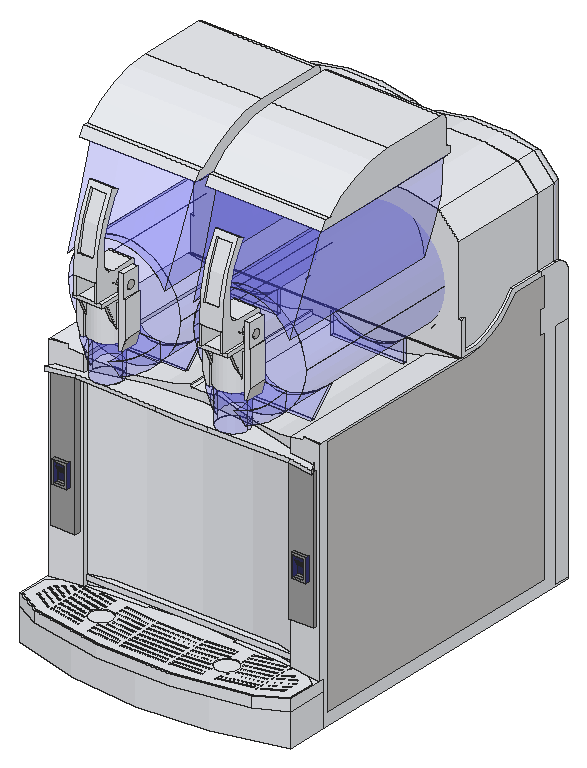
Revit family "QF_ELECTROLUXPROFESSIONAL_560022_NINA2", category Specialty Equipment, Revit 2018 (continued)
Automatic sketch dimensions
  curve 30 to curve 60 = 0.0 mm  (x2)
  curve 30 to curve 61 = 0.0 mm  (x2)
  curve 30 to curve 62 = 0.0 mm  (x2)
  curve 30 to curve 63 = 0.0 mm  (x2)
  curve 30 to curve 64 = 0.0 mm  (x2)
  curve 30 to curve 65 = 0.0 mm  (x2)
  curve 30 to curve 66 = 0.0 mm  (x2)
  curve 30 to curve 67 = 0.0 mm  (x2)
  curve 30 to curve 68 = 0.0 mm  (x2)
  curve 30 to curve 69 = 0.0 mm  (x2)
  curve 30 to curve 70 = 0.0 mm  (x2)
  curve 30 to curve 71 = 0.0 mm  (x2)
  curve 30 to curve 72 = 0.0 mm  (x2)
  curve 30 to curve 91 = 0.0 mm  (x2)
  curve 30 to curve 92 = 0.0 mm  (x2)
  curve 30 to curve 93 = 0.0 mm  (x2)
  curve 30 to curve 94 = 0.0 mm  (x2)
  curve 30 to curve 95 = 0.0 mm  (x2)
  curve 30 to curve 96 = 0.0 mm  (x2)
  curve 30 to curve 97 = 0.0 mm  (x2)
  curve 30 to curve 98 = 0.0 mm  (x2)
  curve 30 to curve 99 = 0.0 mm  (x2)
  curve 30 to curve 100 = 0.0 mm  (x2)
  curve 30 to curve 101 = 0.0 mm  (x2)
  curve 30 to curve 116 = 0.0 mm  (x2)
  curve 30 to curve 117 = 0.0 mm  (x2)
  curve 30 to curve 134 = 0.0 mm  (x2)
  curve 30 to curve 135 = 0.0 mm  (x2)
  curve 30 to curve 136 = 0.0 mm  (x2)
  curve 30 to curve 137 = 0.0 mm  (x2)
  curve 30 to curve 138 = 0.0 mm  (x2)
  curve 30 to curve 139 = 0.0 mm  (x2)
  curve 30 to curve 140 = 0.0 mm  (x2)
  curve 30 to curve 141 = 0.0 mm  (x2)
  curve 30 to curve 142 = 0.0 mm  (x2)
  curve 30 to curve 143 = 0.0 mm  (x2)
  curve 30 to curve 144 = 0.0 mm  (x2)
  curve 30 to curve 145 = 0.0 mm  (x2)
  curve 30 to curve 146 = 0.0 mm  (x2)
  curve 30 to curve 147 = 0.0 mm  (x2)
  curve 30 to curve 148 = 0.0 mm  (x2)
  curve 30 to curve 167 = 0.0 mm  (x2)
  curve 30 to curve 168 = 0.0 mm  (x2)
  curve 30 to curve 169 = 0.0 mm  (x2)
  curve 30 to curve 170 = 0.0 mm  (x2)
  curve 30 to curve 171 = 0.0 mm  (x2)
  curve 30 to curve 172 = 0.0 mm  (x2)
  curve 30 to curve 173 = 0.0 mm  (x2)
  curve 30 to curve 174 = 0.0 mm  (x2)
  curve 30 to curve 175 = 0.0 mm  (x2)
  curve 30 to curve 176 = 0.0 mm  (x2)
  curve 30 to curve 177 = 0.0 mm  (x2)
  curve 31 to curve 32 = 0.0 mm  (x2)
  curve 31 to curve 33 = 0.0 mm  (x2)
  curve 31 to curve 34 = 0.0 mm  (x2)
  curve 31 to curve 35 = 0.0 mm  (x2)
  curve 31 to curve 36 = 0.0 mm  (x2)
  curve 31 to curve 37 = 0.0 mm  (x2)
  curve 31 to curve 38 = 0.0 mm  (x2)
  curve 31 to curve 39 = 0.0 mm  (x2)
  curve 31 to curve 40 = 0.0 mm  (x2)
  curve 31 to curve 41 = 0.0 mm  (x2)
  curve 31 to curve 58 = 0.0 mm  (x2)
  curve 31 to curve 59 = 0.0 mm  (x2)
  curve 31 to curve 60 = 0.0 mm  (x2)
  curve 31 to curve 61 = 0.0 mm  (x2)
  curve 31 to curve 62 = 0.0 mm  (x2)
  curve 31 to curve 63 = 0.0 mm  (x2)
  curve 31 to curve 64 = 0.0 mm  (x2)
  curve 31 to curve 65 = 0.0 mm  (x2)
  curve 31 to curve 66 = 0.0 mm  (x2)
  curve 31 to curve 67 = 0.0 mm  (x2)
  curve 31 to curve 68 = 0.0 mm  (x2)
  curve 31 to curve 69 = 0.0 mm  (x2)
  curve 31 to curve 70 = 0.0 mm  (x2)
  curve 31 to curve 71 = 0.0 mm  (x2)
  curve 31 to curve 72 = 0.0 mm  (x2)
  curve 31 to curve 91 = 0.0 mm  (x2)
  curve 31 to curve 92 = 0.0 mm  (x2)
  curve 31 to curve 93 = 0.0 mm  (x2)
  curve 31 to curve 94 = 0.0 mm  (x2)
  curve 31 to curve 95 = 0.0 mm  (x2)
  curve 31 to curve 96 = 0.0 mm  (x2)
  curve 31 to curve 97 = 0.0 mm  (x2)
  curve 31 to curve 98 = 0.0 mm  (x2)
  curve 31 to curve 99 = 0.0 mm  (x2)
  curve 31 to curve 100 = 0.0 mm  (x2)
  curve 31 to curve 101 = 0.0 mm  (x2)
  curve 31 to curve 116 = 0.0 mm  (x2)
  curve 31 to curve 117 = 0.0 mm  (x2)
  curve 31 to curve 134 = 0.0 mm  (x2)
  curve 31 to curve 135 = 0.0 mm  (x2)
  curve 31 to curve 136 = 0.0 mm  (x2)
  curve 31 to curve 137 = 0.0 mm  (x2)
  curve 31 to curve 138 = 0.0 mm  (x2)
  curve 31 to curve 139 = 0.0 mm  (x2)
  curve 31 to curve 140 = 0.0 mm  (x2)
  curve 31 to curve 141 = 0.0 mm  (x2)
  curve 31 to curve 142 = 0.0 mm  (x2)
  curve 31 to curve 143 = 0.0 mm  (x2)
  curve 31 to curve 144 = 0.0 mm  (x2)
  curve 31 to curve 145 = 0.0 mm  (x2)
  curve 31 to curve 146 = 0.0 mm  (x2)
  curve 31 to curve 147 = 0.0 mm  (x2)
  curve 31 to curve 148 = 0.0 mm  (x2)
  curve 31 to curve 167 = 0.0 mm  (x2)
  curve 31 to curve 168 = 0.0 mm  (x2)
  curve 31 to curve 169 = 0.0 mm  (x2)
  curve 31 to curve 170 = 0.0 mm  (x2)
  curve 31 to curve 171 = 0.0 mm  (x2)
  curve 31 to curve 172 = 0.0 mm  (x2)
  curve 31 to curve 173 = 0.0 mm  (x2)
  curve 31 to curve 174 = 0.0 mm  (x2)
  curve 31 to curve 175 = 0.0 mm  (x2)
  curve 31 to curve 176 = 0.0 mm  (x2)
  curve 31 to curve 177 = 0.0 mm  (x2)
  curve 32 to curve 33 = 0.0 mm  (x2)
  curve 32 to curve 34 = 0.0 mm  (x2)
  curve 32 to curve 35 = 0.0 mm  (x2)
  curve 32 to curve 36 = 0.0 mm  (x2)
  curve 32 to curve 37 = 0.0 mm  (x2)
  curve 32 to curve 38 = 0.0 mm  (x2)
  curve 32 to curve 39 = 0.0 mm  (x2)
  curve 32 to curve 40 = 0.0 mm  (x2)
  curve 32 to curve 41 = 0.0 mm  (x2)
  curve 32 to curve 58 = 0.0 mm  (x2)
  curve 32 to curve 59 = 0.0 mm  (x2)
  curve 32 to curve 60 = 0.0 mm  (x2)
  curve 32 to curve 61 = 0.0 mm  (x2)
  curve 32 to curve 62 = 0.0 mm  (x2)
  curve 32 to curve 63 = 0.0 mm  (x2)
  curve 32 to curve 64 = 0.0 mm  (x2)
  curve 32 to curve 65 = 0.0 mm  (x2)
  curve 32 to curve 66 = 0.0 mm  (x2)
  curve 32 to curve 67 = 0.0 mm  (x2)
  curve 32 to curve 68 = 0.0 mm  (x2)
  curve 32 to curve 69 = 0.0 mm  (x2)
  curve 32 to curve 70 = 0.0 mm  (x2)
  curve 32 to curve 71 = 0.0 mm  (x2)
  curve 32 to curve 72 = 0.0 mm  (x2)
  curve 32 to curve 91 = 0.0 mm  (x2)
  curve 32 to curve 92 = 0.0 mm  (x2)
  curve 32 to curve 93 = 0.0 mm  (x2)
  curve 32 to curve 94 = 0.0 mm  (x2)
  curve 32 to curve 95 = 0.0 mm  (x2)
  curve 32 to curve 96 = 0.0 mm  (x2)
  curve 32 to curve 97 = 0.0 mm  (x2)
  curve 32 to curve 98 = 0.0 mm  (x2)
  curve 32 to curve 99 = 0.0 mm  (x2)
  curve 32 to curve 100 = 0.0 mm  (x2)
  curve 32 to curve 101 = 0.0 mm  (x2)
  curve 32 to curve 116 = 0.0 mm  (x2)
  curve 32 to curve 117 = 0.0 mm  (x2)
  curve 32 to curve 134 = 0.0 mm  (x2)
  curve 32 to curve 135 = 0.0 mm  (x2)
  curve 32 to curve 136 = 0.0 mm  (x2)
  curve 32 to curve 137 = 0.0 mm  (x2)
  curve 32 to curve 138 = 0.0 mm  (x2)
  curve 32 to curve 139 = 0.0 mm  (x2)
  curve 32 to curve 140 = 0.0 mm  (x2)
  curve 32 to curve 141 = 0.0 mm  (x2)
  curve 32 to curve 142 = 0.0 mm  (x2)
  curve 32 to curve 143 = 0.0 mm  (x2)
  curve 32 to curve 144 = 0.0 mm  (x2)
  curve 32 to curve 145 = 0.0 mm  (x2)
  curve 32 to curve 146 = 0.0 mm  (x2)
  curve 32 to curve 147 = 0.0 mm  (x2)
  curve 32 to curve 148 = 0.0 mm  (x2)
  curve 32 to curve 167 = 0.0 mm  (x2)
  curve 32 to curve 168 = 0.0 mm  (x2)
  curve 32 to curve 169 = 0.0 mm  (x2)
  curve 32 to curve 170 = 0.0 mm  (x2)
  curve 32 to curve 171 = 0.0 mm  (x2)
  curve 32 to curve 172 = 0.0 mm  (x2)
  curve 32 to curve 173 = 0.0 mm  (x2)
  curve 32 to curve 174 = 0.0 mm  (x2)
  curve 32 to curve 175 = 0.0 mm  (x2)
  curve 32 to curve 176 = 0.0 mm  (x2)
  curve 32 to curve 177 = 0.0 mm  (x2)
  curve 33 to curve 34 = 0.0 mm  (x2)
  curve 33 to curve 35 = 0.0 mm  (x2)
  curve 33 to curve 36 = 0.0 mm  (x2)
  curve 33 to curve 37 = 0.0 mm  (x2)
  curve 33 to curve 38 = 0.0 mm  (x2)
  curve 33 to curve 39 = 0.0 mm  (x2)
  curve 33 to curve 40 = 0.0 mm  (x2)
  curve 33 to curve 41 = 0.0 mm  (x2)
  curve 33 to curve 58 = 0.0 mm  (x2)
  curve 33 to curve 59 = 0.0 mm  (x2)
  curve 33 to curve 60 = 0.0 mm  (x2)
  curve 33 to curve 61 = 0.0 mm  (x2)
  curve 33 to curve 62 = 0.0 mm  (x2)
  curve 33 to curve 63 = 0.0 mm  (x2)
  curve 33 to curve 64 = 0.0 mm  (x2)
  curve 33 to curve 65 = 0.0 mm  (x2)
  curve 33 to curve 66 = 0.0 mm  (x2)
  curve 33 to curve 67 = 0.0 mm  (x2)
  curve 33 to curve 68 = 0.0 mm  (x2)
  curve 33 to curve 69 = 0.0 mm  (x2)
  curve 33 to curve 70 = 0.0 mm  (x2)
  curve 33 to curve 71 = 0.0 mm  (x2)
  curve 33 to curve 72 = 0.0 mm  (x2)
  curve 33 to curve 91 = 0.0 mm  (x2)
  curve 33 to curve 92 = 0.0 mm  (x2)
  curve 33 to curve 93 = 0.0 mm  (x2)
  curve 33 to curve 94 = 0.0 mm  (x2)
  curve 33 to curve 95 = 0.0 mm  (x2)
  curve 33 to curve 96 = 0.0 mm  (x2)
  curve 33 to curve 97 = 0.0 mm  (x2)
  curve 33 to curve 98 = 0.0 mm  (x2)
  curve 33 to curve 99 = 0.0 mm  (x2)
  curve 33 to curve 100 = 0.0 mm  (x2)
  curve 33 to curve 101 = 0.0 mm  (x2)
  curve 33 to curve 116 = 0.0 mm  (x2)
  curve 33 to curve 117 = 0.0 mm  (x2)
  curve 33 to curve 134 = 0.0 mm  (x2)
  curve 33 to curve 135 = 0.0 mm  (x2)
  curve 33 to curve 136 = 0.0 mm  (x2)
  curve 33 to curve 137 = 0.0 mm  (x2)
  curve 33 to curve 138 = 0.0 mm  (x2)
  curve 33 to curve 139 = 0.0 mm  (x2)
  curve 33 to curve 140 = 0.0 mm  (x2)
  curve 33 to curve 141 = 0.0 mm  (x2)
  curve 33 to curve 142 = 0.0 mm  (x2)
  curve 33 to curve 143 = 0.0 mm  (x2)
  curve 33 to curve 144 = 0.0 mm  (x2)
  curve 33 to curve 145 = 0.0 mm  (x2)
  curve 33 to curve 146 = 0.0 mm  (x2)
  curve 33 to curve 147 = 0.0 mm  (x2)
  curve 33 to curve 148 = 0.0 mm  (x2)
  curve 33 to curve 167 = 0.0 mm  (x2)
  curve 33 to curve 168 = 0.0 mm  (x2)
  curve 33 to curve 169 = 0.0 mm  (x2)
  curve 33 to curve 170 = 0.0 mm  (x2)
  curve 33 to curve 171 = 0.0 mm  (x2)
  curve 33 to curve 172 = 0.0 mm  (x2)
  curve 33 to curve 173 = 0.0 mm  (x2)
  curve 33 to curve 174 = 0.0 mm  (x2)
  curve 33 to curve 175 = 0.0 mm  (x2)
  curve 33 to curve 176 = 0.0 mm  (x2)
  curve 33 to curve 177 = 0.0 mm  (x2)
  curve 34 to curve 35 = 0.0 mm  (x2)
  curve 34 to curve 36 = 0.0 mm  (x2)
  curve 34 to curve 37 = 0.0 mm  (x2)
  curve 34 to curve 38 = 0.0 mm  (x2)
  curve 34 to curve 39 = 0.0 mm  (x2)
  curve 34 to curve 40 = 0.0 mm  (x2)
  curve 34 to curve 41 = 0.0 mm  (x2)
  curve 34 to curve 58 = 0.0 mm  (x2)
  curve 34 to curve 59 = 0.0 mm  (x2)
  curve 34 to curve 60 = 0.0 mm  (x2)
  curve 34 to curve 61 = 0.0 mm  (x2)
  curve 34 to curve 62 = 0.0 mm  (x2)
  curve 34 to curve 63 = 0.0 mm  (x2)
  curve 34 to curve 64 = 0.0 mm  (x2)
  curve 34 to curve 65 = 0.0 mm  (x2)
  curve 34 to curve 66 = 0.0 mm  (x2)
  curve 34 to curve 67 = 0.0 mm  (x2)
  curve 34 to curve 68 = 0.0 mm  (x2)
  curve 34 to curve 69 = 0.0 mm  (x2)
  curve 34 to curve 70 = 0.0 mm  (x2)
  curve 34 to curve 71 = 0.0 mm  (x2)
  curve 34 to curve 72 = 0.0 mm  (x2)
  curve 34 to curve 91 = 0.0 mm  (x2)
  curve 34 to curve 92 = 0.0 mm  (x2)
  curve 34 to curve 93 = 0.0 mm  (x2)
  curve 34 to curve 94 = 0.0 mm  (x2)
  curve 34 to curve 95 = 0.0 mm  (x2)
  curve 34 to curve 96 = 0.0 mm  (x2)
  curve 34 to curve 97 = 0.0 mm  (x2)
  curve 34 to curve 98 = 0.0 mm  (x2)
  curve 34 to curve 99 = 0.0 mm  (x2)
  curve 34 to curve 100 = 0.0 mm  (x2)
  curve 34 to curve 101 = 0.0 mm  (x2)
  curve 34 to curve 116 = 0.0 mm  (x2)
  curve 34 to curve 117 = 0.0 mm  (x2)
  curve 34 to curve 134 = 0.0 mm  (x2)
  curve 34 to curve 135 = 0.0 mm  (x2)
  curve 34 to curve 136 = 0.0 mm  (x2)
  curve 34 to curve 137 = 0.0 mm  (x2)
  curve 34 to curve 138 = 0.0 mm  (x2)
  curve 34 to curve 139 = 0.0 mm  (x2)
  curve 34 to curve 140 = 0.0 mm  (x2)
  curve 34 to curve 141 = 0.0 mm  (x2)
  curve 34 to curve 142 = 0.0 mm  (x2)
  curve 34 to curve 143 = 0.0 mm  (x2)
  curve 34 to curve 144 = 0.0 mm  (x2)
  curve 34 to curve 145 = 0.0 mm  (x2)
  curve 34 to curve 146 = 0.0 mm  (x2)
  curve 34 to curve 147 = 0.0 mm  (x2)
  curve 34 to curve 148 = 0.0 mm  (x2)
  curve 34 to curve 167 = 0.0 mm  (x2)
  curve 34 to curve 168 = 0.0 mm  (x2)
  curve 34 to curve 169 = 0.0 mm  (x2)
  curve 34 to curve 170 = 0.0 mm  (x2)
  curve 34 to curve 171 = 0.0 mm  (x2)
  curve 34 to curve 172 = 0.0 mm  (x2)
  curve 34 to curve 173 = 0.0 mm  (x2)
  curve 34 to curve 174 = 0.0 mm  (x2)
  curve 34 to curve 175 = 0.0 mm  (x2)
  curve 34 to curve 176 = 0.0 mm  (x2)
  curve 34 to curve 177 = 0.0 mm  (x2)
  curve 35 to curve 36 = 0.0 mm  (x2)
  curve 35 to curve 37 = 0.0 mm  (x2)
  curve 35 to curve 38 = 0.0 mm  (x2)
  curve 35 to curve 39 = 0.0 mm  (x2)
  curve 35 to curve 40 = 0.0 mm  (x2)
  curve 35 to curve 41 = 0.0 mm  (x2)
  curve 35 to curve 58 = 0.0 mm  (x2)
  curve 35 to curve 59 = 0.0 mm  (x2)
  curve 35 to curve 60 = 0.0 mm  (x2)
  curve 35 to curve 61 = 0.0 mm  (x2)
  curve 35 to curve 62 = 0.0 mm  (x2)
  curve 35 to curve 63 = 0.0 mm  (x2)
  curve 35 to curve 64 = 0.0 mm  (x2)
  curve 35 to curve 65 = 0.0 mm  (x2)
  curve 35 to curve 66 = 0.0 mm  (x2)
  curve 35 to curve 67 = 0.0 mm  (x2)
  curve 35 to curve 68 = 0.0 mm  (x2)
  curve 35 to curve 69 = 0.0 mm  (x2)
  curve 35 to curve 70 = 0.0 mm  (x2)
  curve 35 to curve 71 = 0.0 mm  (x2)
  curve 35 to curve 72 = 0.0 mm  (x2)
  curve 35 to curve 91 = 0.0 mm  (x2)
  curve 35 to curve 92 = 0.0 mm  (x2)
  curve 35 to curve 93 = 0.0 mm  (x2)
  curve 35 to curve 94 = 0.0 mm  (x2)
  curve 35 to curve 95 = 0.0 mm  (x2)
  curve 35 to curve 96 = 0.0 mm  (x2)
  curve 35 to curve 97 = 0.0 mm  (x2)
  curve 35 to curve 98 = 0.0 mm  (x2)
  curve 35 to curve 99 = 0.0 mm  (x2)
  curve 35 to curve 100 = 0.0 mm  (x2)
  curve 35 to curve 101 = 0.0 mm  (x2)
  curve 35 to curve 116 = 0.0 mm  (x2)
  curve 35 to curve 117 = 0.0 mm  (x2)
  curve 35 to curve 134 = 0.0 mm  (x2)
  curve 35 to curve 135 = 0.0 mm  (x2)
  curve 35 to curve 136 = 0.0 mm  (x2)
  curve 35 to curve 137 = 0.0 mm  (x2)
  curve 35 to curve 138 = 0.0 mm  (x2)
  curve 35 to curve 139 = 0.0 mm  (x2)
  curve 35 to curve 140 = 0.0 mm  (x2)
  curve 35 to curve 141 = 0.0 mm  (x2)
  curve 35 to curve 142 = 0.0 mm  (x2)
  curve 35 to curve 143 = 0.0 mm  (x2)
  curve 35 to curve 144 = 0.0 mm  (x2)
  curve 35 to curve 145 = 0.0 mm  (x2)
  curve 35 to curve 146 = 0.0 mm  (x2)
  curve 35 to curve 147 = 0.0 mm  (x2)
  curve 35 to curve 148 = 0.0 mm  (x2)
  curve 35 to curve 167 = 0.0 mm  (x2)
  curve 35 to curve 168 = 0.0 mm  (x2)
  curve 35 to curve 169 = 0.0 mm  (x2)
  curve 35 to curve 170 = 0.0 mm  (x2)
  curve 35 to curve 171 = 0.0 mm  (x2)
  curve 35 to curve 172 = 0.0 mm  (x2)
  curve 35 to curve 173 = 0.0 mm  (x2)
  curve 35 to curve 174 = 0.0 mm  (x2)
  curve 35 to curve 175 = 0.0 mm  (x2)
  curve 35 to curve 176 = 0.0 mm  (x2)
  curve 35 to curve 177 = 0.0 mm  (x2)
  curve 36 to curve 37 = 0.0 mm  (x2)
  curve 36 to curve 38 = 0.0 mm  (x2)
  curve 36 to curve 39 = 0.0 mm  (x2)
  curve 36 to curve 40 = 0.0 mm  (x2)
  curve 36 to curve 41 = 0.0 mm  (x2)
  curve 36 to curve 58 = 0.0 mm  (x2)
  curve 36 to curve 59 = 0.0 mm  (x2)
  curve 36 to curve 60 = 0.0 mm  (x2)
  curve 36 to curve 61 = 0.0 mm  (x2)
  curve 36 to curve 62 = 0.0 mm  (x2)
  curve 36 to curve 63 = 0.0 mm  (x2)
  curve 36 to curve 64 = 0.0 mm  (x2)
  curve 36 to curve 65 = 0.0 mm  (x2)
  curve 36 to curve 66 = 0.0 mm  (x2)
  curve 36 to curve 67 = 0.0 mm  (x2)
  curve 36 to curve 68 = 0.0 mm  (x2)
  curve 36 to curve 69 = 0.0 mm  (x2)
  curve 36 to curve 70 = 0.0 mm  (x2)
  curve 36 to curve 71 = 0.0 mm  (x2)
  curve 36 to curve 72 = 0.0 mm  (x2)
  curve 36 to curve 91 = 0.0 mm  (x2)
  curve 36 to curve 92 = 0.0 mm  (x2)
  curve 36 to curve 93 = 0.0 mm  (x2)
  curve 36 to curve 94 = 0.0 mm  (x2)
  curve 36 to curve 95 = 0.0 mm  (x2)
  curve 36 to curve 96 = 0.0 mm  (x2)
  curve 36 to curve 97 = 0.0 mm  (x2)
  curve 36 to curve 98 = 0.0 mm  (x2)
  curve 36 to curve 99 = 0.0 mm  (x2)
  curve 36 to curve 100 = 0.0 mm  (x2)
  curve 36 to curve 101 = 0.0 mm  (x2)
  curve 36 to curve 116 = 0.0 mm  (x2)
  curve 36 to curve 117 = 0.0 mm  (x2)
  curve 36 to curve 134 = 0.0 mm  (x2)
  curve 36 to curve 135 = 0.0 mm  (x2)
  curve 36 to curve 136 = 0.0 mm  (x2)
  curve 36 to curve 137 = 0.0 mm  (x2)
  curve 36 to curve 138 = 0.0 mm  (x2)
  curve 36 to curve 139 = 0.0 mm  (x2)
  curve 36 to curve 140 = 0.0 mm  (x2)
  curve 36 to curve 141 = 0.0 mm  (x2)
  curve 36 to curve 142 = 0.0 mm  (x2)
  curve 36 to curve 143 = 0.0 mm  (x2)
  curve 36 to curve 144 = 0.0 mm  (x2)
  curve 36 to curve 145 = 0.0 mm  (x2)
  curve 36 to curve 146 = 0.0 mm  (x2)
  curve 36 to curve 147 = 0.0 mm  (x2)
  curve 36 to curve 148 = 0.0 mm  (x2)
  curve 36 to curve 167 = 0.0 mm  (x2)
  curve 36 to curve 168 = 0.0 mm  (x2)
  curve 36 to curve 169 = 0.0 mm  (x2)
  curve 36 to curve 170 = 0.0 mm  (x2)
  curve 36 to curve 171 = 0.0 mm  (x2)
  curve 36 to curve 172 = 0.0 mm  (x2)
  curve 36 to curve 173 = 0.0 mm  (x2)
  curve 36 to curve 174 = 0.0 mm  (x2)
  curve 36 to curve 175 = 0.0 mm  (x2)
  curve 36 to curve 176 = 0.0 mm  (x2)
  curve 36 to curve 177 = 0.0 mm  (x2)
  curve 37 to curve 38 = 0.0 mm  (x2)
  curve 37 to curve 39 = 0.0 mm  (x2)
  curve 37 to curve 40 = 0.0 mm  (x2)
  curve 37 to curve 41 = 0.0 mm  (x2)
  curve 37 to curve 58 = 0.0 mm  (x2)
  curve 37 to curve 59 = 0.0 mm  (x2)
  curve 37 to curve 60 = 0.0 mm  (x2)
  curve 37 to curve 61 = 0.0 mm  (x2)
  curve 37 to curve 62 = 0.0 mm  (x2)
  curve 37 to curve 63 = 0.0 mm  (x2)
  curve 37 to curve 64 = 0.0 mm  (x2)
  curve 37 to curve 65 = 0.0 mm  (x2)
  curve 37 to curve 66 = 0.0 mm  (x2)
  curve 37 to curve 67 = 0.0 mm  (x2)
  curve 37 to curve 68 = 0.0 mm  (x2)
  curve 37 to curve 69 = 0.0 mm  (x2)
  curve 37 to curve 70 = 0.0 mm  (x2)
  curve 37 to curve 71 = 0.0 mm  (x2)
  curve 37 to curve 72 = 0.0 mm  (x2)
  curve 37 to curve 91 = 0.0 mm  (x2)
  curve 37 to curve 92 = 0.0 mm  (x2)
  curve 37 to curve 93 = 0.0 mm  (x2)
  curve 37 to curve 94 = 0.0 mm  (x2)
  curve 37 to curve 95 = 0.0 mm  (x2)
  curve 37 to curve 96 = 0.0 mm  (x2)
  curve 37 to curve 97 = 0.0 mm  (x2)
  curve 37 to curve 98 = 0.0 mm  (x2)
  curve 37 to curve 99 = 0.0 mm  (x2)
  curve 37 to curve 100 = 0.0 mm  (x2)
  curve 37 to curve 101 = 0.0 mm  (x2)
  curve 37 to curve 116 = 0.0 mm  (x2)
  curve 37 to curve 117 = 0.0 mm  (x2)
  curve 37 to curve 134 = 0.0 mm  (x2)
  curve 37 to curve 135 = 0.0 mm  (x2)
  curve 37 to curve 136 = 0.0 mm  (x2)
  curve 37 to curve 137 = 0.0 mm  (x2)
  curve 37 to curve 138 = 0.0 mm  (x2)
  curve 37 to curve 139 = 0.0 mm  (x2)
  curve 37 to curve 140 = 0.0 mm  (x2)
  curve 37 to curve 141 = 0.0 mm  (x2)
  curve 37 to curve 142 = 0.0 mm  (x2)
  curve 37 to curve 143 = 0.0 mm  (x2)
  curve 37 to curve 144 = 0.0 mm  (x2)
  curve 37 to curve 145 = 0.0 mm  (x2)
  curve 37 to curve 146 = 0.0 mm  (x2)
  curve 37 to curve 147 = 0.0 mm  (x2)
  curve 37 to curve 148 = 0.0 mm  (x2)
  curve 37 to curve 167 = 0.0 mm  (x2)
  curve 37 to curve 168 = 0.0 mm  (x2)
  curve 37 to curve 169 = 0.0 mm  (x2)
  curve 37 to curve 170 = 0.0 mm  (x2)
  curve 37 to curve 171 = 0.0 mm  (x2)
  curve 37 to curve 172 = 0.0 mm  (x2)
  curve 37 to curve 173 = 0.0 mm  (x2)
  curve 37 to curve 174 = 0.0 mm  (x2)
  curve 37 to curve 175 = 0.0 mm  (x2)
  curve 37 to curve 176 = 0.0 mm  (x2)
  curve 37 to curve 177 = 0.0 mm  (x2)
  curve 38 to curve 39 = 0.0 mm  (x2)
  curve 38 to curve 40 = 0.0 mm  (x2)
  curve 38 to curve 41 = 0.0 mm  (x2)
  curve 38 to curve 58 = 0.0 mm  (x2)
  curve 38 to curve 59 = 0.0 mm  (x2)
  curve 38 to curve 60 = 0.0 mm  (x2)
  curve 38 to curve 61 = 0.0 mm  (x2)
  curve 38 to curve 62 = 0.0 mm  (x2)
  curve 38 to curve 63 = 0.0 mm  (x2)
  curve 38 to curve 64 = 0.0 mm  (x2)
  curve 38 to curve 65 = 0.0 mm  (x2)
  curve 38 to curve 66 = 0.0 mm  (x2)
  curve 38 to curve 67 = 0.0 mm  (x2)
  curve 38 to curve 68 = 0.0 mm  (x2)
  curve 38 to curve 69 = 0.0 mm  (x2)
  curve 38 to curve 70 = 0.0 mm  (x2)
  curve 38 to curve 71 = 0.0 mm  (x2)
  curve 38 to curve 72 = 0.0 mm  (x2)
  curve 38 to curve 91 = 0.0 mm  (x2)
  curve 38 to curve 92 = 0.0 mm  (x2)
  curve 38 to curve 93 = 0.0 mm  (x2)
  curve 38 to curve 94 = 0.0 mm  (x2)
  curve 38 to curve 95 = 0.0 mm  (x2)
  curve 38 to curve 96 = 0.0 mm  (x2)
  curve 38 to curve 97 = 0.0 mm  (x2)
  curve 38 to curve 98 = 0.0 mm  (x2)
  curve 38 to curve 99 = 0.0 mm  (x2)
  curve 38 to curve 100 = 0.0 mm  (x2)
  curve 38 to curve 101 = 0.0 mm  (x2)
  curve 38 to curve 116 = 0.0 mm  (x2)
  curve 38 to curve 117 = 0.0 mm  (x2)
  curve 38 to curve 134 = 0.0 mm  (x2)
  curve 38 to curve 135 = 0.0 mm  (x2)
  curve 38 to curve 136 = 0.0 mm  (x2)
  curve 38 to curve 137 = 0.0 mm  (x2)
  curve 38 to curve 138 = 0.0 mm  (x2)
  curve 38 to curve 139 = 0.0 mm  (x2)
  curve 38 to curve 140 = 0.0 mm  (x2)
  curve 38 to curve 141 = 0.0 mm  (x2)
  curve 38 to curve 142 = 0.0 mm  (x2)
  curve 38 to curve 143 = 0.0 mm  (x2)
  curve 38 to curve 144 = 0.0 mm  (x2)
  curve 38 to curve 145 = 0.0 mm  (x2)
  curve 38 to curve 146 = 0.0 mm  (x2)
  curve 38 to curve 147 = 0.0 mm  (x2)
  curve 38 to curve 148 = 0.0 mm  (x2)
  curve 38 to curve 167 = 0.0 mm  (x2)
  curve 38 to curve 168 = 0.0 mm  (x2)
  curve 38 to curve 169 = 0.0 mm  (x2)
  curve 38 to curve 170 = 0.0 mm  (x2)
  curve 38 to curve 171 = 0.0 mm  (x2)
  curve 38 to curve 172 = 0.0 mm  (x2)
  curve 38 to curve 173 = 0.0 mm  (x2)
  curve 38 to curve 174 = 0.0 mm  (x2)
  curve 38 to curve 175 = 0.0 mm  (x2)
  curve 38 to curve 176 = 0.0 mm  (x2)
  curve 38 to curve 177 = 0.0 mm  (x2)
  curve 39 to curve 40 = 0.0 mm  (x2)
  curve 39 to curve 41 = 0.0 mm  (x2)
  curve 39 to curve 58 = 0.0 mm  (x2)
  curve 39 to curve 59 = 0.0 mm  (x2)
  curve 39 to curve 60 = 0.0 mm  (x2)
  curve 39 to curve 61 = 0.0 mm  (x2)
  curve 39 to curve 62 = 0.0 mm  (x2)
  curve 39 to curve 63 = 0.0 mm  (x2)
  curve 39 to curve 64 = 0.0 mm  (x2)
  curve 39 to curve 65 = 0.0 mm  (x2)
  curve 39 to curve 66 = 0.0 mm  (x2)
  curve 39 to curve 67 = 0.0 mm  (x2)
  curve 39 to curve 68 = 0.0 mm  (x2)
  curve 39 to curve 69 = 0.0 mm  (x2)
  curve 39 to curve 70 = 0.0 mm  (x2)
  curve 39 to curve 71 = 0.0 mm  (x2)
  curve 39 to curve 72 = 0.0 mm  (x2)
  curve 39 to curve 91 = 0.0 mm  (x2)
  curve 39 to curve 92 = 0.0 mm  (x2)
  curve 39 to curve 93 = 0.0 mm  (x2)
  curve 39 to curve 94 = 0.0 mm  (x2)
  curve 39 to curve 95 = 0.0 mm  (x2)
  curve 39 to curve 96 = 0.0 mm  (x2)
  curve 39 to curve 97 = 0.0 mm  (x2)
  curve 39 to curve 98 = 0.0 mm  (x2)
  curve 39 to curve 99 = 0.0 mm  (x2)
  curve 39 to curve 100 = 0.0 mm  (x2)
  curve 39 to curve 101 = 0.0 mm  (x2)
  curve 39 to curve 116 = 0.0 mm  (x2)
  curve 39 to curve 117 = 0.0 mm  (x2)
  curve 39 to curve 134 = 0.0 mm  (x2)
  curve 39 to curve 135 = 0.0 mm  (x2)
  curve 39 to curve 136 = 0.0 mm  (x2)
  curve 39 to curve 137 = 0.0 mm  (x2)
  curve 39 to curve 138 = 0.0 mm  (x2)
  curve 39 to curve 139 = 0.0 mm  (x2)
  curve 39 to curve 140 = 0.0 mm  (x2)
  curve 39 to curve 141 = 0.0 mm  (x2)
  curve 39 to curve 142 = 0.0 mm  (x2)
  curve 39 to curve 143 = 0.0 mm  (x2)
  curve 39 to curve 144 = 0.0 mm  (x2)
  curve 39 to curve 145 = 0.0 mm  (x2)
  curve 39 to curve 146 = 0.0 mm  (x2)
  curve 39 to curve 147 = 0.0 mm  (x2)
  curve 39 to curve 148 = 0.0 mm  (x2)
  curve 39 to curve 167 = 0.0 mm  (x2)
  curve 39 to curve 168 = 0.0 mm  (x2)
  curve 39 to curve 169 = 0.0 mm  (x2)
  curve 39 to curve 170 = 0.0 mm  (x2)
  curve 39 to curve 171 = 0.0 mm  (x2)
  curve 39 to curve 172 = 0.0 mm  (x2)
  curve 39 to curve 173 = 0.0 mm  (x2)
  curve 39 to curve 174 = 0.0 mm  (x2)
  curve 39 to curve 175 = 0.0 mm  (x2)
  curve 39 to curve 176 = 0.0 mm  (x2)
  curve 39 to curve 177 = 0.0 mm  (x2)
  curve 40 to curve 41 = 0.0 mm  (x2)
  curve 40 to curve 58 = 0.0 mm  (x2)
  curve 40 to curve 59 = 0.0 mm  (x2)
  curve 40 to curve 60 = 0.0 mm  (x2)
  curve 40 to curve 61 = 0.0 mm  (x2)
  curve 40 to curve 62 = 0.0 mm  (x2)
  curve 40 to curve 63 = 0.0 mm  (x2)
  curve 40 to curve 64 = 0.0 mm  (x2)
  curve 40 to curve 65 = 0.0 mm  (x2)
  curve 40 to curve 66 = 0.0 mm  (x2)
  curve 40 to curve 67 = 0.0 mm  (x2)
  curve 40 to curve 68 = 0.0 mm  (x2)
  curve 40 to curve 69 = 0.0 mm  (x2)
  curve 40 to curve 70 = 0.0 mm  (x2)
  curve 40 to curve 71 = 0.0 mm  (x2)
  curve 40 to curve 72 = 0.0 mm  (x2)
  curve 40 to curve 91 = 0.0 mm  (x2)
  curve 40 to curve 92 = 0.0 mm  (x2)
  curve 40 to curve 93 = 0.0 mm  (x2)
  curve 40 to curve 94 = 0.0 mm  (x2)
  curve 40 to curve 95 = 0.0 mm  (x2)
  curve 40 to curve 96 = 0.0 mm  (x2)
  curve 40 to curve 97 = 0.0 mm  (x2)
  curve 40 to curve 98 = 0.0 mm  (x2)
  curve 40 to curve 99 = 0.0 mm  (x2)
  curve 40 to curve 100 = 0.0 mm  (x2)
  curve 40 to curve 101 = 0.0 mm  (x2)
  curve 40 to curve 116 = 0.0 mm  (x2)
  curve 40 to curve 117 = 0.0 mm  (x2)
  curve 40 to curve 134 = 0.0 mm  (x2)
  curve 40 to curve 135 = 0.0 mm  (x2)
  curve 40 to curve 136 = 0.0 mm  (x2)
  curve 40 to curve 137 = 0.0 mm  (x2)
  curve 40 to curve 138 = 0.0 mm  (x2)
  curve 40 to curve 139 = 0.0 mm  (x2)
  curve 40 to curve 140 = 0.0 mm  (x2)
  curve 40 to curve 141 = 0.0 mm  (x2)
  curve 40 to curve 142 = 0.0 mm  (x2)
  curve 40 to curve 143 = 0.0 mm  (x2)
  curve 40 to curve 144 = 0.0 mm  (x2)
  curve 40 to curve 145 = 0.0 mm  (x2)
  curve 40 to curve 146 = 0.0 mm  (x2)
  curve 40 to curve 147 = 0.0 mm  (x2)
  curve 40 to curve 148 = 0.0 mm  (x2)
  curve 40 to curve 167 = 0.0 mm  (x2)
  curve 40 to curve 168 = 0.0 mm  (x2)
  curve 40 to curve 169 = 0.0 mm  (x2)
  curve 40 to curve 170 = 0.0 mm  (x2)
  curve 40 to curve 171 = 0.0 mm  (x2)
  curve 40 to curve 172 = 0.0 mm  (x2)
  curve 40 to curve 173 = 0.0 mm  (x2)
  curve 40 to curve 174 = 0.0 mm  (x2)
  curve 40 to curve 175 = 0.0 mm  (x2)
  curve 40 to curve 176 = 0.0 mm  (x2)
  curve 40 to curve 177 = 0.0 mm  (x2)
  curve 41 to curve 58 = 0.0 mm  (x2)
  curve 41 to curve 59 = 0.0 mm  (x2)
  curve 41 to curve 60 = 0.0 mm  (x2)
  curve 41 to curve 61 = 0.0 mm  (x2)
  curve 41 to curve 62 = 0.0 mm  (x2)
  curve 41 to curve 63 = 0.0 mm  (x2)
  curve 41 to curve 64 = 0.0 mm  (x2)
  curve 41 to curve 65 = 0.0 mm  (x2)
  curve 41 to curve 66 = 0.0 mm  (x2)
  curve 41 to curve 67 = 0.0 mm  (x2)
  curve 41 to curve 68 = 0.0 mm  (x2)
  curve 41 to curve 69 = 0.0 mm  (x2)
  curve 41 to curve 70 = 0.0 mm  (x2)
  curve 41 to curve 71 = 0.0 mm  (x2)
  curve 41 to curve 72 = 0.0 mm  (x2)
  curve 41 to curve 91 = 0.0 mm  (x2)
  curve 41 to curve 92 = 0.0 mm  (x2)
  curve 41 to curve 93 = 0.0 mm  (x2)
  curve 41 to curve 94 = 0.0 mm  (x2)
  curve 41 to curve 95 = 0.0 mm  (x2)
  curve 41 to curve 96 = 0.0 mm  (x2)
  curve 41 to curve 97 = 0.0 mm  (x2)
  curve 41 to curve 98 = 0.0 mm  (x2)
  curve 41 to curve 99 = 0.0 mm  (x2)
  curve 41 to curve 100 = 0.0 mm  (x2)
  curve 41 to curve 101 = 0.0 mm  (x2)
  curve 41 to curve 116 = 0.0 mm  (x2)
  curve 41 to curve 117 = 0.0 mm  (x2)
  curve 41 to curve 134 = 0.0 mm  (x2)
  curve 41 to curve 135 = 0.0 mm  (x2)
  curve 41 to curve 136 = 0.0 mm  (x2)
  curve 41 to curve 137 = 0.0 mm  (x2)
  curve 41 to curve 138 = 0.0 mm  (x2)
  curve 41 to curve 139 = 0.0 mm  (x2)
  curve 41 to curve 140 = 0.0 mm  (x2)
  curve 41 to curve 141 = 0.0 mm  (x2)
  curve 41 to curve 142 = 0.0 mm  (x2)
  curve 41 to curve 143 = 0.0 mm  (x2)
  curve 41 to curve 144 = 0.0 mm  (x2)
  curve 41 to curve 145 = 0.0 mm  (x2)
  curve 41 to curve 146 = 0.0 mm  (x2)
  curve 41 to curve 147 = 0.0 mm  (x2)
  curve 41 to curve 148 = 0.0 mm  (x2)
  curve 41 to curve 167 = 0.0 mm  (x2)
  curve 41 to curve 168 = 0.0 mm  (x2)
  curve 41 to curve 169 = 0.0 mm  (x2)
  curve 41 to curve 170 = 0.0 mm  (x2)
  curve 41 to curve 171 = 0.0 mm  (x2)
  curve 41 to curve 172 = 0.0 mm  (x2)
  curve 41 to curve 173 = 0.0 mm  (x2)
  curve 41 to curve 174 = 0.0 mm  (x2)
  curve 41 to curve 175 = 0.0 mm  (x2)
  curve 41 to curve 176 = 0.0 mm  (x2)
  curve 41 to curve 177 = 0.0 mm  (x2)
  curve 58 to curve 59 = 0.0 mm  (x2)
  curve 58 to curve 60 = 0.0 mm  (x2)
  curve 58 to curve 61 = 0.0 mm  (x2)
  curve 58 to curve 62 = 0.0 mm  (x2)
  curve 58 to curve 63 = 0.0 mm  (x2)
  curve 58 to curve 64 = 0.0 mm  (x2)
  curve 58 to curve 65 = 0.0 mm  (x2)
  curve 58 to curve 66 = 0.0 mm  (x2)
  curve 58 to curve 67 = 0.0 mm  (x2)
  curve 58 to curve 68 = 0.0 mm  (x2)
  curve 58 to curve 69 = 0.0 mm  (x2)
  curve 58 to curve 70 = 0.0 mm  (x2)
  curve 58 to curve 71 = 0.0 mm  (x2)
  curve 58 to curve 72 = 0.0 mm  (x2)
  curve 58 to curve 91 = 0.0 mm  (x2)
  curve 58 to curve 92 = 0.0 mm  (x2)
  curve 58 to curve 93 = 0.0 mm  (x2)
  curve 58 to curve 94 = 0.0 mm  (x2)
  curve 58 to curve 95 = 0.0 mm  (x2)
  curve 58 to curve 96 = 0.0 mm  (x2)
  curve 58 to curve 97 = 0.0 mm  (x2)
  curve 58 to curve 98 = 0.0 mm  (x2)
  curve 58 to curve 99 = 0.0 mm  (x2)
  curve 58 to curve 100 = 0.0 mm  (x2)
  curve 58 to curve 101 = 0.0 mm  (x2)
  curve 58 to curve 116 = 0.0 mm  (x2)
  curve 58 to curve 117 = 0.0 mm  (x2)
  curve 58 to curve 134 = 0.0 mm  (x2)
  curve 58 to curve 135 = 0.0 mm  (x2)
  curve 58 to curve 136 = 0.0 mm  (x2)
  curve 58 to curve 137 = 0.0 mm  (x2)
  curve 58 to curve 138 = 0.0 mm  (x2)
  curve 58 to curve 139 = 0.0 mm  (x2)
  curve 58 to curve 140 = 0.0 mm  (x2)
  curve 58 to curve 141 = 0.0 mm  (x2)
  curve 58 to curve 142 = 0.0 mm  (x2)
  curve 58 to curve 143 = 0.0 mm  (x2)
  curve 58 to curve 144 = 0.0 mm  (x2)
  curve 58 to curve 145 = 0.0 mm  (x2)
  curve 58 to curve 146 = 0.0 mm  (x2)
  curve 58 to curve 147 = 0.0 mm  (x2)
  curve 58 to curve 148 = 0.0 mm  (x2)
  curve 58 to curve 167 = 0.0 mm  (x2)
  curve 58 to curve 168 = 0.0 mm  (x2)
  curve 58 to curve 169 = 0.0 mm  (x2)
  curve 58 to curve 170 = 0.0 mm  (x2)
  curve 58 to curve 171 = 0.0 mm  (x2)
  curve 58 to curve 172 = 0.0 mm  (x2)
  curve 58 to curve 173 = 0.0 mm  (x2)
  curve 58 to curve 174 = 0.0 mm  (x2)
  curve 58 to curve 175 = 0.0 mm  (x2)
  curve 58 to curve 176 = 0.0 mm  (x2)
  curve 58 to curve 177 = 0.0 mm  (x2)
  curve 59 to curve 60 = 0.0 mm  (x2)
  curve 59 to curve 61 = 0.0 mm  (x2)
  curve 59 to curve 62 = 0.0 mm  (x2)
  curve 59 to curve 63 = 0.0 mm  (x2)
  curve 59 to curve 64 = 0.0 mm  (x2)
  curve 59 to curve 65 = 0.0 mm  (x2)
  curve 59 to curve 66 = 0.0 mm  (x2)
  curve 59 to curve 67 = 0.0 mm  (x2)
  curve 59 to curve 68 = 0.0 mm  (x2)
  curve 59 to curve 69 = 0.0 mm  (x2)
  curve 59 to curve 70 = 0.0 mm  (x2)
  curve 59 to curve 71 = 0.0 mm  (x2)
  curve 59 to curve 72 = 0.0 mm  (x2)
  curve 59 to curve 91 = 0.0 mm  (x2)
  curve 59 to curve 92 = 0.0 mm  (x2)
  curve 59 to curve 93 = 0.0 mm  (x2)
  curve 59 to curve 94 = 0.0 mm  (x2)
  curve 59 to curve 95 = 0.0 mm  (x2)
  curve 59 to curve 96 = 0.0 mm  (x2)
  curve 59 to curve 97 = 0.0 mm  (x2)
  curve 59 to curve 98 = 0.0 mm  (x2)
  curve 59 to curve 99 = 0.0 mm  (x2)
  curve 59 to curve 100 = 0.0 mm  (x2)
  curve 59 to curve 101 = 0.0 mm  (x2)
  curve 59 to curve 116 = 0.0 mm  (x2)
  curve 59 to curve 117 = 0.0 mm  (x2)
  curve 59 to curve 134 = 0.0 mm  (x2)
  curve 59 to curve 135 = 0.0 mm  (x2)
  curve 59 to curve 136 = 0.0 mm  (x2)
  curve 59 to curve 137 = 0.0 mm  (x2)
  curve 59 to curve 138 = 0.0 mm  (x2)
  curve 59 to curve 139 = 0.0 mm  (x2)
  curve 59 to curve 140 = 0.0 mm  (x2)
  curve 59 to curve 141 = 0.0 mm  (x2)
  curve 59 to curve 142 = 0.0 mm  (x2)
  curve 59 to curve 143 = 0.0 mm  (x2)
  curve 59 to curve 144 = 0.0 mm  (x2)
  curve 59 to curve 145 = 0.0 mm  (x2)
  curve 59 to curve 146 = 0.0 mm  (x2)
  curve 59 to curve 147 = 0.0 mm  (x2)
  curve 59 to curve 148 = 0.0 mm  (x2)
  curve 59 to curve 167 = 0.0 mm  (x2)
  curve 59 to curve 168 = 0.0 mm  (x2)
  curve 59 to curve 169 = 0.0 mm  (x2)
  curve 59 to curve 170 = 0.0 mm  (x2)
  curve 59 to curve 171 = 0.0 mm  (x2)
  curve 59 to curve 172 = 0.0 mm  (x2)
  curve 59 to curve 173 = 0.0 mm  (x2)
  curve 59 to curve 174 = 0.0 mm  (x2)
  curve 59 to curve 175 = 0.0 mm  (x2)
  curve 59 to curve 176 = 0.0 mm  (x2)
  curve 59 to curve 177 = 0.0 mm  (x2)
  curve 60 to curve 61 = 0.0 mm  (x2)
  curve 60 to curve 62 = 0.0 mm  (x2)
  curve 60 to curve 63 = 0.0 mm  (x2)
  curve 60 to curve 64 = 0.0 mm  (x2)
  curve 60 to curve 65 = 0.0 mm  (x2)
  curve 60 to curve 66 = 0.0 mm  (x2)
  curve 60 to curve 67 = 0.0 mm  (x2)
  curve 60 to curve 68 = 0.0 mm  (x2)
  curve 60 to curve 69 = 0.0 mm  (x2)
  curve 60 to curve 70 = 0.0 mm  (x2)
  curve 60 to curve 71 = 0.0 mm  (x2)
  curve 60 to curve 72 = 0.0 mm  (x2)
  curve 60 to curve 91 = 0.0 mm  (x2)
  curve 60 to curve 92 = 0.0 mm  (x2)
  curve 60 to curve 93 = 0.0 mm  (x2)
  curve 60 to curve 94 = 0.0 mm  (x2)
  curve 60 to curve 95 = 0.0 mm  (x2)
  curve 60 to curve 96 = 0.0 mm  (x2)
  curve 60 to curve 97 = 0.0 mm  (x2)
  curve 60 to curve 98 = 0.0 mm  (x2)
  curve 60 to curve 99 = 0.0 mm  (x2)
  curve 60 to curve 100 = 0.0 mm  (x2)
  curve 60 to curve 101 = 0.0 mm  (x2)
  curve 60 to curve 116 = 0.0 mm  (x2)
  curve 60 to curve 117 = 0.0 mm  (x2)
  curve 60 to curve 134 = 0.0 mm  (x2)
  curve 60 to curve 135 = 0.0 mm  (x2)
  curve 60 to curve 136 = 0.0 mm  (x2)
  curve 60 to curve 137 = 0.0 mm  (x2)
  curve 60 to curve 138 = 0.0 mm  (x2)
  curve 60 to curve 139 = 0.0 mm  (x2)
  curve 60 to curve 140 = 0.0 mm  (x2)
  curve 60 to curve 141 = 0.0 mm  (x2)
  curve 60 to curve 142 = 0.0 mm  (x2)
  curve 60 to curve 143 = 0.0 mm  (x2)
  curve 60 to curve 144 = 0.0 mm  (x2)
  curve 60 to curve 145 = 0.0 mm  (x2)
  curve 60 to curve 146 = 0.0 mm  (x2)
  curve 60 to curve 147 = 0.0 mm  (x2)
  curve 60 to curve 148 = 0.0 mm  (x2)
  curve 60 to curve 167 = 0.0 mm  (x2)
  curve 60 to curve 168 = 0.0 mm  (x2)
  curve 60 to curve 169 = 0.0 mm  (x2)
  curve 60 to curve 170 = 0.0 mm  (x2)
  curve 60 to curve 171 = 0.0 mm  (x2)
  curve 60 to curve 172 = 0.0 mm  (x2)
  curve 60 to curve 173 = 0.0 mm  (x2)
  curve 60 to curve 174 = 0.0 mm  (x2)
  curve 60 to curve 175 = 0.0 mm  (x2)
  curve 60 to curve 176 = 0.0 mm  (x2)
  curve 60 to curve 177 = 0.0 mm  (x2)
  curve 61 to curve 62 = 0.0 mm  (x2)
  curve 61 to curve 63 = 0.0 mm  (x2)
  curve 61 to curve 64 = 0.0 mm  (x2)
  curve 61 to curve 65 = 0.0 mm  (x2)
  curve 61 to curve 66 = 0.0 mm  (x2)
  curve 61 to curve 67 = 0.0 mm  (x2)
  curve 61 to curve 68 = 0.0 mm  (x2)
  curve 61 to curve 69 = 0.0 mm  (x2)
  curve 61 to curve 70 = 0.0 mm  (x2)
  curve 61 to curve 71 = 0.0 mm  (x2)
  curve 61 to curve 72 = 0.0 mm  (x2)
  curve 61 to curve 91 = 0.0 mm  (x2)
  curve 61 to curve 92 = 0.0 mm  (x2)
  curve 61 to curve 93 = 0.0 mm  (x2)
  curve 61 to curve 94 = 0.0 mm  (x2)
  curve 61 to curve 95 = 0.0 mm  (x2)
  curve 61 to curve 96 = 0.0 mm  (x2)
  curve 61 to curve 97 = 0.0 mm  (x2)
  curve 61 to curve 98 = 0.0 mm  (x2)
  curve 61 to curve 99 = 0.0 mm  (x2)
  curve 61 to curve 100 = 0.0 mm  (x2)
  curve 61 to curve 101 = 0.0 mm  (x2)
  curve 61 to curve 116 = 0.0 mm  (x2)
  curve 61 to curve 117 = 0.0 mm  (x2)
  curve 61 to curve 134 = 0.0 mm  (x2)
  curve 61 to curve 135 = 0.0 mm  (x2)
  curve 61 to curve 136 = 0.0 mm  (x2)
  curve 61 to curve 137 = 0.0 mm  (x2)
  curve 61 to curve 138 = 0.0 mm  (x2)
  curve 61 to curve 139 = 0.0 mm  (x2)
  curve 61 to curve 140 = 0.0 mm  (x2)
  curve 61 to curve 141 = 0.0 mm  (x2)
  curve 61 to curve 142 = 0.0 mm  (x2)
  curve 61 to curve 143 = 0.0 mm  (x2)
  curve 61 to curve 144 = 0.0 mm  (x2)
  curve 61 to curve 145 = 0.0 mm  (x2)
  curve 61 to curve 146 = 0.0 mm  (x2)
  curve 61 to curve 147 = 0.0 mm  (x2)
  curve 61 to curve 148 = 0.0 mm  (x2)
  curve 61 to curve 167 = 0.0 mm  (x2)
  curve 61 to curve 168 = 0.0 mm  (x2)
  curve 61 to curve 169 = 0.0 mm  (x2)
  curve 61 to curve 170 = 0.0 mm  (x2)
  curve 61 to curve 171 = 0.0 mm  (x2)
  curve 61 to curve 172 = 0.0 mm  (x2)
  curve 61 to curve 173 = 0.0 mm  (x2)
  curve 61 to curve 174 = 0.0 mm  (x2)
  curve 61 to curve 175 = 0.0 mm  (x2)
  curve 61 to curve 176 = 0.0 mm  (x2)
  curve 61 to curve 177 = 0.0 mm  (x2)
  curve 62 to curve 63 = 0.0 mm  (x3)
  curve 62 to curve 64 = 0.0 mm  (x2)
  curve 62 to curve 65 = 0.0 mm  (x2)
  curve 62 to curve 66 = 0.0 mm  (x2)
  curve 62 to curve 67 = 0.0 mm  (x2)
  curve 62 to curve 68 = 0.0 mm  (x2)
  curve 62 to curve 69 = 0.0 mm  (x2)
  curve 62 to curve 70 = 0.0 mm  (x2)
  curve 62 to curve 71 = 0.0 mm  (x2)
  curve 62 to curve 72 = 0.0 mm  (x2)
  curve 62 to curve 91 = 0.0 mm  (x2)
  curve 62 to curve 92 = 0.0 mm  (x2)
  curve 62 to curve 93 = 0.0 mm  (x2)
  curve 62 to curve 94 = 0.0 mm  (x2)
  curve 62 to curve 95 = 0.0 mm  (x2)
  curve 62 to curve 96 = 0.0 mm  (x2)
  curve 62 to curve 97 = 0.0 mm  (x2)
  curve 62 to curve 98 = 0.0 mm  (x2)
  curve 62 to curve 99 = 0.0 mm  (x2)
  curve 62 to curve 100 = 0.0 mm  (x2)
  curve 62 to curve 101 = 0.0 mm  (x2)
  curve 62 to curve 116 = 0.0 mm  (x2)
  curve 62 to curve 117 = 0.0 mm  (x2)
  curve 62 to curve 134 = 0.0 mm  (x2)
  curve 62 to curve 135 = 0.0 mm  (x2)
  curve 62 to curve 136 = 0.0 mm  (x2)
  curve 62 to curve 137 = 0.0 mm  (x2)
  curve 62 to curve 138 = 0.0 mm  (x2)
  curve 62 to curve 139 = 0.0 mm  (x2)
  curve 62 to curve 140 = 0.0 mm  (x2)
  curve 62 to curve 141 = 0.0 mm  (x2)
  curve 62 to curve 142 = 0.0 mm  (x2)
  curve 62 to curve 143 = 0.0 mm  (x2)
  curve 62 to curve 144 = 0.0 mm  (x2)
  curve 62 to curve 145 = 0.0 mm  (x2)
  curve 62 to curve 146 = 0.0 mm  (x2)
  curve 62 to curve 147 = 0.0 mm  (x2)
  curve 62 to curve 148 = 0.0 mm  (x2)
  curve 62 to curve 167 = 0.0 mm  (x2)
  curve 62 to curve 168 = 0.0 mm  (x2)
  curve 62 to curve 169 = 0.0 mm  (x2)
  curve 62 to curve 170 = 0.0 mm  (x2)
  curve 62 to curve 171 = 0.0 mm  (x2)
  curve 62 to curve 172 = 0.0 mm  (x2)
  curve 62 to curve 173 = 0.0 mm  (x2)
  curve 62 to curve 174 = 0.0 mm  (x2)
  curve 62 to curve 175 = 0.0 mm  (x2)
  curve 62 to curve 176 = 0.0 mm  (x2)
  curve 62 to curve 177 = 0.0 mm  (x2)
  curve 63 to curve 64 = 0.0 mm  (x2)
  curve 63 to curve 65 = 0.0 mm  (x2)
  curve 63 to curve 66 = 0.0 mm  (x2)
  curve 63 to curve 67 = 0.0 mm  (x2)
  curve 63 to curve 68 = 0.0 mm  (x2)
  curve 63 to curve 69 = 0.0 mm  (x2)
  curve 63 to curve 70 = 0.0 mm  (x2)
  curve 63 to curve 71 = 0.0 mm  (x2)
  curve 63 to curve 72 = 0.0 mm  (x2)
  curve 63 to curve 91 = 0.0 mm  (x2)
  curve 63 to curve 92 = 0.0 mm  (x2)
  curve 63 to curve 93 = 0.0 mm  (x2)
  curve 63 to curve 94 = 0.0 mm  (x2)
  curve 63 to curve 95 = 0.0 mm  (x2)
  curve 63 to curve 96 = 0.0 mm  (x2)
  curve 63 to curve 97 = 0.0 mm  (x2)
  curve 63 to curve 98 = 0.0 mm  (x2)
  curve 63 to curve 99 = 0.0 mm  (x2)
  curve 63 to curve 100 = 0.0 mm  (x2)
  curve 63 to curve 101 = 0.0 mm  (x2)
  curve 63 to curve 116 = 0.0 mm  (x2)
  curve 63 to curve 117 = 0.0 mm  (x2)
  curve 63 to curve 134 = 0.0 mm  (x2)
  curve 63 to curve 135 = 0.0 mm  (x2)
  curve 63 to curve 136 = 0.0 mm  (x2)
  curve 63 to curve 137 = 0.0 mm  (x2)
  curve 63 to curve 138 = 0.0 mm  (x2)
  curve 63 to curve 139 = 0.0 mm  (x2)
  curve 63 to curve 140 = 0.0 mm  (x2)
  curve 63 to curve 141 = 0.0 mm  (x2)
  curve 63 to curve 142 = 0.0 mm  (x2)
  curve 63 to curve 143 = 0.0 mm  (x2)
  curve 63 to curve 144 = 0.0 mm  (x2)
  curve 63 to curve 145 = 0.0 mm  (x2)
  curve 63 to curve 146 = 0.0 mm  (x2)
  curve 63 to curve 147 = 0.0 mm  (x2)
  curve 63 to curve 148 = 0.0 mm  (x2)
  curve 63 to curve 167 = 0.0 mm  (x2)
  curve 63 to curve 168 = 0.0 mm  (x2)
  curve 63 to curve 169 = 0.0 mm  (x2)
  curve 63 to curve 170 = 0.0 mm  (x2)
  curve 63 to curve 171 = 0.0 mm  (x2)
  curve 63 to curve 172 = 0.0 mm  (x2)
  curve 63 to curve 173 = 0.0 mm  (x2)
  curve 63 to curve 174 = 0.0 mm  (x2)
  curve 63 to curve 175 = 0.0 mm  (x2)
  curve 63 to curve 176 = 0.0 mm  (x2)
  curve 63 to curve 177 = 0.0 mm  (x2)
  curve 64 to curve 65 = 0.0 mm  (x2)
  curve 64 to curve 66 = 0.0 mm  (x3)
  curve 64 to curve 67 = 0.0 mm  (x2)
  curve 64 to curve 68 = 0.0 mm  (x2)
  curve 64 to curve 69 = 0.0 mm  (x2)
  curve 64 to curve 70 = 0.0 mm  (x2)
  curve 64 to curve 71 = 0.0 mm  (x2)
  curve 64 to curve 72 = 0.0 mm  (x2)
  curve 64 to curve 91 = 0.0 mm  (x2)
  curve 64 to curve 92 = 0.0 mm  (x2)
  curve 64 to curve 93 = 0.0 mm  (x2)
  curve 64 to curve 94 = 0.0 mm  (x2)
  curve 64 to curve 95 = 0.0 mm  (x2)
  curve 64 to curve 96 = 0.0 mm  (x2)
  curve 64 to curve 97 = 0.0 mm  (x2)
  curve 64 to curve 98 = 0.0 mm  (x2)
  curve 64 to curve 99 = 0.0 mm  (x2)
  curve 64 to curve 100 = 0.0 mm  (x2)
  curve 64 to curve 101 = 0.0 mm  (x2)
  curve 64 to curve 116 = 0.0 mm  (x2)
  curve 64 to curve 117 = 0.0 mm  (x2)
  curve 64 to curve 134 = 0.0 mm  (x2)
  curve 64 to curve 135 = 0.0 mm  (x2)
  curve 64 to curve 136 = 0.0 mm  (x2)
  curve 64 to curve 137 = 0.0 mm  (x2)
  curve 64 to curve 138 = 0.0 mm  (x2)
  curve 64 to curve 139 = 0.0 mm  (x2)
  curve 64 to curve 140 = 0.0 mm  (x2)
  curve 64 to curve 141 = 0.0 mm  (x2)
  curve 64 to curve 142 = 0.0 mm  (x2)
  curve 64 to curve 143 = 0.0 mm  (x2)
  curve 64 to curve 144 = 0.0 mm  (x2)
  curve 64 to curve 145 = 0.0 mm  (x2)
  curve 64 to curve 146 = 0.0 mm  (x2)
  curve 64 to curve 147 = 0.0 mm  (x2)
  curve 64 to curve 148 = 0.0 mm  (x2)
  curve 64 to curve 167 = 0.0 mm  (x2)
  curve 64 to curve 168 = 0.0 mm  (x2)
  curve 64 to curve 169 = 0.0 mm  (x2)
  curve 64 to curve 170 = 0.0 mm  (x2)
  curve 64 to curve 171 = 0.0 mm  (x2)
  curve 64 to curve 172 = 0.0 mm  (x2)
  curve 64 to curve 173 = 0.0 mm  (x2)
  curve 64 to curve 174 = 0.0 mm  (x2)
  curve 64 to curve 175 = 0.0 mm  (x2)
  curve 64 to curve 176 = 0.0 mm  (x2)
  curve 64 to curve 177 = 0.0 mm  (x2)
  curve 65 to curve 66 = 0.0 mm  (x2)
  curve 65 to curve 67 = 0.0 mm  (x2)
  curve 65 to curve 68 = 0.0 mm  (x2)
  curve 65 to curve 69 = 0.0 mm  (x2)
  curve 65 to curve 70 = 0.0 mm  (x2)
  curve 65 to curve 71 = 0.0 mm  (x2)
  curve 65 to curve 72 = 0.0 mm  (x2)
  curve 65 to curve 91 = 0.0 mm  (x2)
  curve 65 to curve 92 = 0.0 mm  (x2)
  curve 65 to curve 93 = 0.0 mm  (x2)
  curve 65 to curve 94 = 0.0 mm  (x2)
  curve 65 to curve 95 = 0.0 mm  (x2)
  curve 65 to curve 96 = 0.0 mm  (x2)
  curve 65 to curve 97 = 0.0 mm  (x2)
  curve 65 to curve 98 = 0.0 mm  (x2)
  curve 65 to curve 99 = 0.0 mm  (x2)
  curve 65 to curve 100 = 0.0 mm  (x2)
  curve 65 to curve 101 = 0.0 mm  (x2)
  curve 65 to curve 116 = 0.0 mm  (x2)
  curve 65 to curve 117 = 0.0 mm  (x2)
  curve 65 to curve 134 = 0.0 mm  (x2)
  curve 65 to curve 135 = 0.0 mm  (x2)
  curve 65 to curve 136 = 0.0 mm  (x2)
  curve 65 to curve 137 = 0.0 mm  (x2)
  curve 65 to curve 138 = 0.0 mm  (x2)
  curve 65 to curve 139 = 0.0 mm  (x2)
  curve 65 to curve 140 = 0.0 mm  (x2)
  curve 65 to curve 141 = 0.0 mm  (x2)
  curve 65 to curve 142 = 0.0 mm  (x2)
  curve 65 to curve 143 = 0.0 mm  (x2)
  curve 65 to curve 144 = 0.0 mm  (x2)
  curve 65 to curve 145 = 0.0 mm  (x2)
  curve 65 to curve 146 = 0.0 mm  (x2)
  curve 65 to curve 147 = 0.0 mm  (x2)
  curve 65 to curve 148 = 0.0 mm  (x2)
  curve 65 to curve 167 = 0.0 mm  (x2)
  curve 65 to curve 168 = 0.0 mm  (x2)
  curve 65 to curve 169 = 0.0 mm  (x2)
  curve 65 to curve 170 = 0.0 mm  (x2)
  curve 65 to curve 171 = 0.0 mm  (x2)
  curve 65 to curve 172 = 0.0 mm  (x2)
  curve 65 to curve 173 = 0.0 mm  (x2)
  curve 65 to curve 174 = 0.0 mm  (x2)
  curve 65 to curve 175 = 0.0 mm  (x2)
  curve 65 to curve 176 = 0.0 mm  (x2)
  curve 65 to curve 177 = 0.0 mm  (x2)
  curve 66 to curve 67 = 0.0 mm  (x2)
  curve 66 to curve 68 = 0.0 mm  (x2)
  curve 66 to curve 69 = 0.0 mm  (x2)
  curve 66 to curve 70 = 0.0 mm  (x2)
  curve 66 to curve 71 = 0.0 mm  (x2)
  curve 66 to curve 72 = 0.0 mm  (x2)
  curve 66 to curve 91 = 0.0 mm  (x2)
  curve 66 to curve 92 = 0.0 mm  (x2)
  curve 66 to curve 93 = 0.0 mm  (x2)
  curve 66 to curve 94 = 0.0 mm  (x2)
  curve 66 to curve 95 = 0.0 mm  (x2)
  curve 66 to curve 96 = 0.0 mm  (x2)
  curve 66 to curve 97 = 0.0 mm  (x2)
  curve 66 to curve 98 = 0.0 mm  (x2)
  curve 66 to curve 99 = 0.0 mm  (x2)
  curve 66 to curve 100 = 0.0 mm  (x2)
  curve 66 to curve 101 = 0.0 mm  (x2)
  curve 66 to curve 116 = 0.0 mm  (x2)
  curve 66 to curve 117 = 0.0 mm  (x2)
  curve 66 to curve 134 = 0.0 mm  (x2)
  curve 66 to curve 135 = 0.0 mm  (x2)
  curve 66 to curve 136 = 0.0 mm  (x2)
  curve 66 to curve 137 = 0.0 mm  (x2)
  curve 66 to curve 138 = 0.0 mm  (x2)
  curve 66 to curve 139 = 0.0 mm  (x2)
  curve 66 to curve 140 = 0.0 mm  (x2)
  curve 66 to curve 141 = 0.0 mm  (x2)
  curve 66 to curve 142 = 0.0 mm  (x2)
  curve 66 to curve 143 = 0.0 mm  (x2)
  curve 66 to curve 144 = 0.0 mm  (x2)
  curve 66 to curve 145 = 0.0 mm  (x2)
  curve 66 to curve 146 = 0.0 mm  (x2)
  curve 66 to curve 147 = 0.0 mm  (x2)
  curve 66 to curve 148 = 0.0 mm  (x2)
  curve 66 to curve 167 = 0.0 mm  (x2)
  curve 66 to curve 168 = 0.0 mm  (x2)
  curve 66 to curve 169 = 0.0 mm  (x2)
  curve 66 to curve 170 = 0.0 mm  (x2)
  curve 66 to curve 171 = 0.0 mm  (x2)
  curve 66 to curve 172 = 0.0 mm  (x2)
  curve 66 to curve 173 = 0.0 mm  (x2)
  curve 66 to curve 174 = 0.0 mm  (x2)
  curve 66 to curve 175 = 0.0 mm  (x2)
  curve 66 to curve 176 = 0.0 mm  (x2)
  curve 66 to curve 177 = 0.0 mm  (x2)
  curve 67 to curve 68 = 0.0 mm  (x2)
  curve 67 to curve 69 = 0.0 mm  (x2)
  curve 67 to curve 70 = 0.0 mm  (x2)
  curve 67 to curve 71 = 0.0 mm  (x2)
  curve 67 to curve 72 = 0.0 mm  (x2)
  curve 67 to curve 91 = 0.0 mm  (x2)
  curve 67 to curve 92 = 0.0 mm  (x2)
  curve 67 to curve 93 = 0.0 mm  (x2)
  curve 67 to curve 94 = 0.0 mm  (x2)
  curve 67 to curve 95 = 0.0 mm  (x2)
  curve 67 to curve 96 = 0.0 mm  (x2)
  curve 67 to curve 97 = 0.0 mm  (x2)
  curve 67 to curve 98 = 0.0 mm  (x2)
  curve 67 to curve 99 = 0.0 mm  (x2)
  curve 67 to curve 100 = 0.0 mm  (x2)
  curve 67 to curve 101 = 0.0 mm  (x2)
  curve 67 to curve 116 = 0.0 mm  (x2)
  curve 67 to curve 117 = 0.0 mm  (x2)
